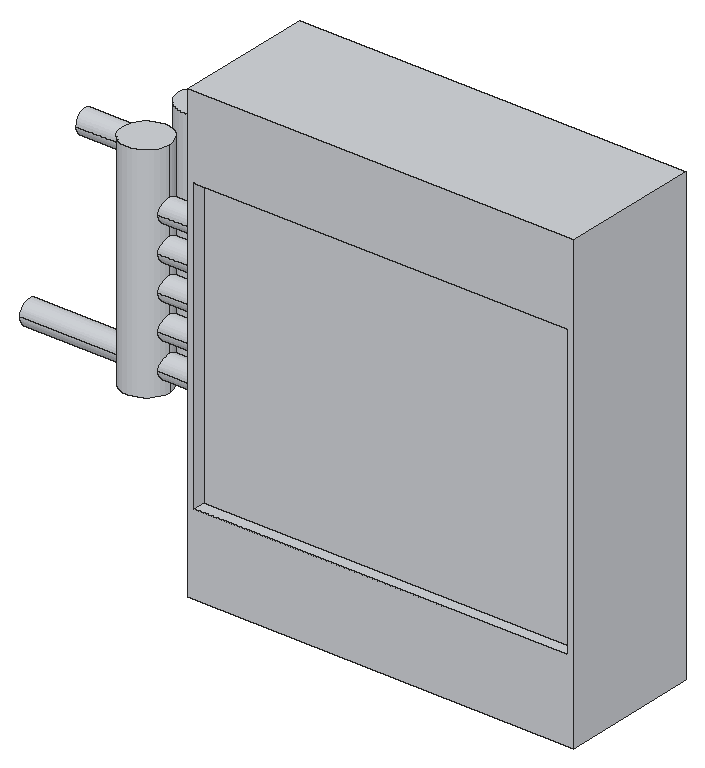
Revit family "d8f69ecef8544eb3be31a2db313fbd68", category Mechanical Equipment, Revit 2021
Family settings
  Round Connector Dimension = Use Radius
  Part Type = Normal
  OmniClass Number = 23.75.35.14
  OmniClass Title = Air Handling Units
  Seek Item ID = AHU Coil - Hot Water - Indoor-0000-USA-ENU
  Work Plane-Based = No
  Always vertical = Yes
  Cut with Voids When Loaded = No
  Shared = No
  Room Calculation Point = No
Parameters (values of type "3 Square Feet")
  Water Radius = 1"
  Water Pressure Drop [instance] = 0.722 psi
  Water Flow [instance] = 11 GPM
  Water Diameter = Water Radius * 2  # 2"
  Radius 2 = 0' - 2"
  Radius 1 = Radius 2 / 2  # 0' - 1"
  Height 1 = 0' - 8"
  Duct Width 3 = Coil Length * 0.18  # 0' - 5.94"
  Duct Width 1 = Coil Length * 0.01  # 0' - 0.33"
  Duct Width = 32"
  Duct Height = 25"
  Default Elevation = 0' - 0"
  Coil Height = 39"
  Coil Length = 33"
  Coil Width = 1' - 0"
  Coil Material = none
  Air Pressure Drop [instance] = 0.25 in-wg
  Air Flow [instance] = 1667 CFM
Types (17): name | Water Radius | Water Pressure Drop | Water Flow | Water Diameter | Radius 2 | Radius 1 | Height 1 | Duct Width 3 | Duct Width 1 | Duct Width | Duct Height | Coil Height | Coil Length | Air Flow
  (no name) | 1" | 0.722 psi | 11 GPM | 2" | 0' - 2" | 0' - 1" | 0' - 8" | 0' - 5.94" | 0' - 0.33" | 32" | 25" | 39" | 33" | 1667 CFM
  3 Square Feet | 1" | 0.722 psi | 11 GPM | 2" | 0' - 2" | 0' - 1" | 0' - 8" | 0' - 5.94" | 0' - 0.33" | 32" | 25" | 39" | 33" | 1667 CFM
  8 Square Feet | 1" | 2.526 psi | 33 GPM | 2" | 0' - 2" | 0' - 1" | 1' - 0" | 0' - 9.72" | 0' - 0.54" | 48" | 32" | 42" | 54" | 3750 CFM
  10 Square Feet | 1" | 3.609 psi | 40 GPM | 2" | 0' - 2" | 0' - 1" | 1' - 0" | 1' - 0.06" | 0' - 0.67" | 60" | 34" | 42" | 67" | 4875 CFM
  12 Square Feet | 1" | 3.97 psi | 44 GPM | 2" | 0' - 2" | 0' - 1" | 1' - 0" | 1' - 0.06" | 0' - 0.67" | 64" | 38" | 49" | 67" | 5958 CFM
  14 Square Feet | 1" | 5.053 psi | 56 GPM | 2" | 0' - 2" | 0' - 1" | 1' - 0" | 1' - 0.96" | 0' - 0.72" | 68" | 40" | 49" | 72" | 6760 CFM
  17 Square Feet | 1" | 3.609 psi | 65 GPM | 2" | 0' - 2" | 0' - 1" | 1' - 0" | 1' - 2.22" | 0' - 0.79" | 74" | 44" | 52" | 79" | 8125 CFM
  21 Square Feet | 1" | 5.414 psi | 81 GPM | 2" | 0' - 2" | 0' - 1" | 1' - 0" | 1' - 2.22" | 0' - 0.79" | 76" | 50" | 62" | 79" | 10156 CFM
  25 Square Feet | 1 1/4" | 6.857 psi | 90 GPM | 2 1/2" | 0' - 2 1/4" | 0' - 1 1/8" | 1' - 0" | 1' - 3.48" | 0' - 0.86" | 78" | 56" | 62" | 86" | 11563 CFM
  30 Square Feet | 1 1/4" | 8.301 psi | 98 GPM | 2 1/2" | 0' - 2 1/4" | 0' - 1 1/8" | 1' - 0" | 1' - 6.72" | 0' - 1.04" | 92" | 56" | 62" | 104" | 14375 CFM
  35 Square Feet | 1 1/4" | 9.745 psi | 108 GPM | 2 1/2" | 0' - 2 1/4" | 0' - 1 1/8" | 1' - 0" | 1' - 7.62" | 0' - 1.09" | 96" | 62" | 73" | 109" | 18000 CFM
  40 Square Feet | 1 1/4" | 10.106 psi | 119 GPM | 2 1/2" | 0' - 2 1/4" | 0' - 1 1/8" | 1' - 0" | 1' - 7.98" | 0' - 1.11" | 110" | 62" | 79" | 111" | 20000 CFM
  50 Square Feet | 1 1/4" | 10.466 psi | 143 GPM | 2 1/2" | 0' - 2 1/4" | 0' - 1 1/8" | 1' - 0" | 1' - 9.78" | 0' - 1.21" | 120" | 74" | 89" | 121" | 24917 CFM
  66 Square Feet | 1 1/4" | 10.827 psi | 179 GPM | 2 1/2" | 0' - 2 1/4" | 0' - 1 1/8" | 1' - 0" | 2' - 1.38" | 0' - 1.41" | 138" | 92" | 104" | 141" | 30333 CFM
  6 Square Feet | 1" | 0.722 psi | 19 GPM | 2" | 0' - 2" | 0' - 1" | 1' - 0" | 0' - 8.46" | 0' - 0.47" | 44" | 28" | 33" | 47" | 3237 CFM
  80 Square Feet | 1" | 0.722 psi | 335 GPM | 2" | 0' - 2" | 0' - 1" | 1' - 0" | 2' - 1.38" | 0' - 1.41" | 138" | 110" | 113" | 141" | 47091 CFM
  100 Square Feet | 1" | 0.722 psi | 393 GPM | 2" | 0' - 2" | 0' - 1" | 1' - 0" | 2' - 3.9" | 0' - 1.55" | 152" | 120" | 123" | 155" | 52977 CFM
Reference planes (in)
  plane 1 "Center (Front/Back)": y = 0
  plane 2: z = 0
  plane 3 "Center (Left/Right)": x = 0
  plane 4: x = -16.5
  plane 5: x = 16.5
  plane 6: y = 12
  plane 7: y = 6
  plane 8: y = 1
  plane 9: y = 11
  plane 10: y = 9
  plane 11: y = 3
  plane 12: z = 39
  plane 13: z = 32
  plane 14: z = 7
  plane 15: x = -16
  plane 16: x = 16
  plane 17: x = -20.5
  plane 18: x = -22.5
  plane 19: x = -24.5
  plane 20: x = -32.5
  plane 21: z = 13
  plane 22: z = 15
  plane 23: z = 18
  plane 24: z = 21
  plane 25: z = 24
  plane 26: z = 27
  plane 27: z = 19.5
Forms (in)
  Extrusion 1, solid, material <- "Coil Material"
    sketch origin (0, 0, 0) x (1, 0, 0) y (0, 1, 0)
      loop
        line (-16.5, 12) -> (-16.5, 0) -> (16.5, 0) -> (16.5, 12) -> (-16.5, 12)
    from 39 to 0
  Extrusion 2, void
    sketch origin (0, 0, 0) x (1, 0, 0) y (0, 1, 0)
      loop
        line (-16, 12) -> (-16, 11) -> (16, 11) -> (16, 12) -> (-16, 12)
      loop
        line (-16, 1) -> (-16, 0) -> (16, 0) -> (16, 1) -> (-16, 1)
    from 7 to 32
  Extrusion 3, solid, material <- "Coil Material"
    sketch origin (0, 0, 0) x (0, 1, 0) y (0, 0, 1)
      loop
        circle (9, 27) r 1
      loop
        circle (3, 27) r 1
      loop
        circle (9, 24) r 1
      loop
        circle (3, 24) r 1
      loop
        circle (9, 21) r 1
      loop
        circle (3, 21) r 1
      loop
        circle (9, 18) r 1
      loop
        circle (3, 18) r 1
      loop
        circle (9, 15) r 1
      loop
        circle (3, 15) r 1
    from -22.5 to -16.5
  Extrusion 4, solid, material <- "Coil Material"
    sketch origin (0, 0, 0) x (1, 0, 0) y (0, 1, 0)
      loop
        circle (-22.5, 9) r 2
      loop
        circle (-22.5, 3) r 2
    from 32 to 13
  Extrusion 5, solid, material <- "Coil Material"
    sketch origin (0, 0, 0) x (0, 1, 0) y (0, 0, 1)
      loop
        circle (9, 27) r 1
      loop
        circle (3, 15) r 1
    from -32.5 to -22.5
Cuts and joins
  Extrusion 2 cuts Extrusion 1
  joined: Extrusion 1, Extrusion 3, Extrusion 4, Extrusion 5
Dimensions and locks (in)
  equal spacing: plane 4, plane 3 "Center (Left/Right)", plane 5
  "Coil Length": plane 4 to plane 5
  "Coil Width": plane 6 to plane 1 "Center (Front/Back)"
  equal spacing: plane 1 "Center (Front/Back)", plane 7, plane 6
  locked: plane 9 to plane 6 at 1
  locked: plane 8 to plane 1 "Center (Front/Back)" at 1
  "Radius 2": plane 9 to plane 10
  "Radius 2": plane 8 to plane 11
  "Coil Height": plane 12 to plane 2
  locked: plane 4 to plane 17 at 4
  "Radius 2": plane 17 to plane 18
  "Radius 2": plane 18 to plane 19
  locked: plane 19 to plane 20 at 8
  locked: plane 21 to plane 14 at 6
  "Height 1": plane 22 to plane 14
  equal spacing: plane 26, plane 25, plane 24, plane 23, plane 22
  locked: plane 13 to plane 26 at 5
  equal spacing: plane 16, plane 3 "Center (Left/Right)", plane 15
  "Duct Width": plane 15 to plane 16
  equal spacing: plane 12, plane 27, plane 2
  equal spacing: plane 13, plane 27, plane 14
  "Duct Height": plane 13 to plane 14
  "Water Radius": radius of Extrusion 3 sketch curve  (x10)
  "Radius 2": radius of Extrusion 4 sketch curve  (x2)
  "Water Radius": radius of Extrusion 5 sketch curve  (x2)
  aligned and locked: plane 4 to Extrusion 1 sketch curve
  aligned and locked: Extrusion 1 sketch curve to plane 6
  aligned and locked: plane 1 "Center (Front/Back)" to Extrusion 1 sketch curve
  aligned and locked: Extrusion 1 sketch curve to plane 5
  aligned and locked: plane 12 to Extrusion 1
  aligned and locked: Extrusion 1 to plane 2
  aligned and locked: plane 15 to Extrusion 2 sketch curve  (x2)
  aligned and locked: Extrusion 2 sketch curve to plane 6
  aligned and locked: plane 9 to Extrusion 2 sketch curve
  aligned and locked: Extrusion 2 sketch curve to plane 16  (x2)
  aligned and locked: Extrusion 2 sketch curve to plane 8
  aligned and locked: plane 1 "Center (Front/Back)" to Extrusion 2 sketch curve
  aligned and locked: plane 14 to Extrusion 2
  aligned and locked: plane 13 to Extrusion 2
  aligned and locked: plane 11 to Extrusion 3 sketch curve  (x5)
  aligned and locked: plane 22 to Extrusion 3 sketch curve  (x2)
  aligned and locked: plane 10 to Extrusion 3 sketch curve  (x5)
  aligned and locked: plane 23 to Extrusion 3 sketch curve  (x2)
  aligned and locked: plane 24 to Extrusion 3 sketch curve  (x2)
  aligned and locked: plane 25 to Extrusion 3 sketch curve  (x2)
  aligned and locked: plane 26 to Extrusion 3 sketch curve  (x2)
  aligned and locked: Extrusion 3 to plane 18
  aligned and locked: plane 4 to Extrusion 3
  aligned and locked: plane 18 to Extrusion 4 sketch curve  (x2)
  aligned and locked: plane 11 to Extrusion 4 sketch curve
  aligned and locked: plane 10 to Extrusion 4 sketch curve
  aligned and locked: plane 21 to Extrusion 4
  aligned and locked: plane 13 to Extrusion 4
  aligned and locked: plane 10 to Extrusion 5 sketch curve
  aligned and locked: plane 26 to Extrusion 5 sketch curve
  aligned and locked: plane 22 to Extrusion 5 sketch curve
  aligned and locked: plane 11 to Extrusion 5 sketch curve
  aligned and locked: Extrusion 5 to plane 20
  aligned and locked: plane 18 to Extrusion 5
Connectors (in)
  hvac at (0, 0, 19.5), driven by "Air Flow", driven by "Duct Height", driven by "Duct Width"
    settings: on cut or joined group of Extrusion 1, Extrusion 2, Extrusion 3, Extrusion 4, Extrusion 5, index 1, duct flow 1667 CFM, flow factor 0, pres drop 0.00 in-wg, loss coef 0, conn angle 0.00°, conn width 32", conn height 25", conn diameter 24", duct sys type 1, conn prof type 1, flow config 0, flow direction 0, loss method 0, conn ref index 2, conn util no, is conn primary yes, conn desc ""
  hvac at (0, 12, 19.5), driven by "Air Pressure Drop", driven by "Air Flow", driven by "Duct Height", driven by "Duct Width"
    settings: on cut or joined group of Extrusion 1, Extrusion 2, Extrusion 3, Extrusion 4, Extrusion 5, index 2, duct flow 1667 CFM, flow factor 0, pres drop 0.25 in-wg, loss coef 0, conn angle 0.00°, conn width 32", conn height 25", conn diameter 24", duct sys type 1, conn prof type 1, flow config 0, flow direction 0, loss method 4, conn ref index 1, conn util no, is conn primary no, conn desc ""
  piping at (-32.5, 9, 27), diameter 2, driven by "Water Flow", driven by "Water Pressure Drop", driven by "Water Radius"
    settings: on Extrusion 5, index 3, connector inside diameter 2", connector length 0' - 0", flow factor 0, pipe flow 11 GPM, pressure drop 0.722 psi, fitting loss kfactor 0, connector angle 0.00°, fixture units 0, engagement length 0' - 0", angle of deflection 0.00°, flow configuration 1, flow direction 2, fitting loss method 4, system type 8, joint type 0, gender type 0, connector reference index 4, connector utility 0, adjustable connector no, is connector primary yes, connector description "Water Out"
  piping at (-32.5, 3, 15), diameter 2, driven by "Water Flow", driven by "Water Radius"
    settings: on Extrusion 5, index 4, connector inside diameter 2", connector length 0' - 0", flow factor 0, pipe flow 11 GPM, pressure drop 0.00 psi, fitting loss kfactor 0, connector angle 0.00°, fixture units 0, engagement length 0' - 0", angle of deflection 0.00°, flow configuration 1, flow direction 1, fitting loss method 0, system type 7, joint type 0, gender type 0, connector reference index 3, connector utility 0, adjustable connector no, is connector primary no, connector description "Water In"
